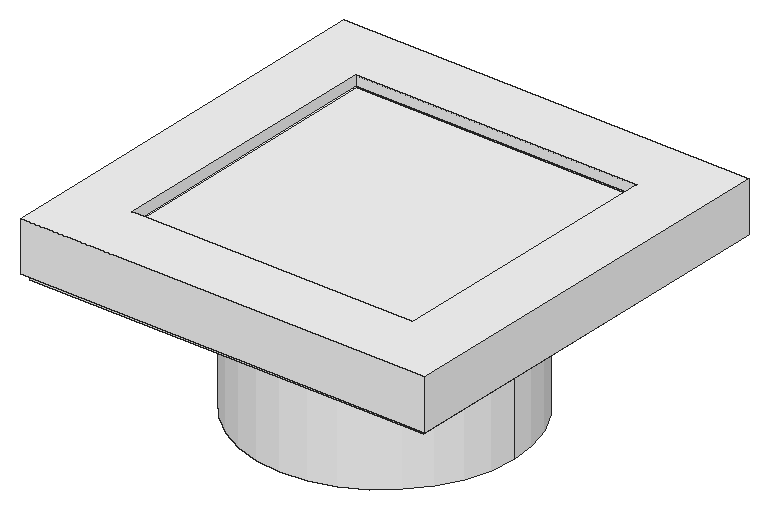
Revit family "Gira_291803", category Electrical Fixtures, host Face, Revit 2017
Family settings
  Host = Face
  Maintain Annotation Orientation = Yes
  Round Connector Dimension = Use Diameter
  Part Type = Normal
  Cut with Voids When Loaded = No
  Shared = No
  Room Calculation Point = No
Parameters (values of type "USV Notrufset System 55 Reinweiß")
  Zusammenstellung = "Basiselement"
  White [instance] = White
  URL = "http://katalog.gira.de/de_DE/datenblatt.html?artikelnr=291803"
  Region = "DE"
  Name = "USV Notrufset System 55 Reinweiß"
  Model = "Sys55_Komplettgerät_Schalten und Tasten"
  Manufacturer URL = "https://www.gira.de/"
  HeinzeBIM = "https://bimportal.heinze.de/bim/usv-notrufset-system-55-reinweiss/1c60dd16596e1c08c950d56eb1b089007df031dc"
  HAN = "291803"
  GTIN = "4010337011767"
  Default Elevation = 1219.2 mm
  Data sheet (1) = "https://katalog.gira.de/de_DE/download.html?artikelnr=291803"
  Category = "Systemgerät Klinikinstallation"
  Busfähig = "ohne"
  Available = "Yes"
  Ausführung = "Netzteil"
  Art der Spannungsversorgung = "extern"
Reference planes
  plane 1 "Center (Front/Back)": y = 0
  plane 2: z = 0
  plane 3 "Center (Left/Right)": x = 0
Forms (mm)
  Extrusion 1, solid, material "White" <- "White", detail levels medium
    sketch origin (0, 0, 0) x (1, 0, 0) y (0, 1, 0)
      loop
        line (-40.4, 40.4) -> (-40.4, -40.4) -> (40.4, -40.4) -> (40.4, 40.4) -> (-40.4, 40.4)
      loop
        line (-28, 28) -> (-28, -28) -> (28, -28) -> (28, 28) -> (-28, 28)
    from 0 to 10
  Extrusion 2, solid, material "White" <- "White", detail levels fine
    sketch origin (0, 0, 0) x (1, 0, 0) y (0, 1, 0)
      loop
        line (-40.4, 40.4) -> (-40.4, -40.4) -> (40.4, -40.4) -> (40.4, 40.4) -> (-40.4, 40.4)
      loop
        line (-28, 28) -> (-28, -28) -> (28, -28) -> (28, 28) -> (-28, 28)
    from 0 to 10
  Extrusion 3, void
    sketch origin (0, 0, 0) x (1, 0, 0) y (0, 1, 0)
      loop
        line (-38.4, 38.4) -> (-38.4, -38.4) -> (38.4, -38.4) -> (38.4, 38.4) -> (-38.4, 38.4)
    from 0 to 8
  Extrusion 4, solid, material "White" <- "White", detail levels medium+fine
    sketch origin (0, 0, 0) x (1, 0, 0) y (0, 1, 0)
      loop
        line (-39.4, 39.4) -> (-39.4, -39.4) -> (39.4, -39.4) -> (39.4, 39.4) -> (-39.4, 39.4)
    from 0 to -1
  Extrusion 5, solid, material "White" <- "White", detail levels medium+fine
    sketch origin (0, 0, 0) x (1, 0, 0) y (0, 1, 0)
      loop
        line (-35.5, 35.5) -> (-35.5, -35.5) -> (35.5, -35.5) -> (35.5, 35.5) -> (-35.5, 35.5)
    from -2 to -3
  Extrusion 6, solid, material "White" <- "White", detail levels medium+fine
    sketch origin (0, 0, 0) x (1, 0, 0) y (0, 1, 0)
      loop
        circle (0, 0) r 26
    from 0 to -27.5
  Extrusion 7, solid, material "White" <- "White", detail levels coarse
    sketch origin (0, 0, 0) x (1, 0, 0) y (0, 1, 0)
      loop
        line (-40.4, 40.4) -> (-40.4, -40.4) -> (40.4, -40.4) -> (40.4, 40.4) -> (-40.4, 40.4)
    from -27.5 to 10
Cuts and joins
  Extrusion 3 cuts Extrusion 2
Dimensions and locks
  aligned and locked: plane 2 to host face
  aligned and locked: level to host face
  aligned and locked: plane 3 "Center (Left/Right)" to nested 2
  aligned and locked: plane 1 "Center (Front/Back)" to nested 2
Nested families
  nested 1: "Sys55_Abdeckung_Schalten und Tasten_floor_base" at (0, 0, 0), type "Sys55_Abdeckung_Schalten und Tasten_floor_base"
  nested 2: "Schalter" at (0, 0, 0), type "Schalter"
Connectors
  electrical at (0, 0, -27.5)
    settings: on Extrusion 6, index 1, voltage 220 V, apparent load 0 VA, apparent load phase1 0 VA, apparent load phase2 0 VA, apparent load phase3 0 VA, power factor 1, load classification "Other", number of poles 1, system type 30, power factor state 1, is connector primary yes, connector utility no, sub classification motor no, connector description ""
Definition of nested family "Sys55_Abdeckung_Schalten und Tasten_floor_base"
  Parameters
    Default Elevation = 1219.2 mm
    White [instance] = none
  Reference planes
    plane 1 "Center (Front/Back)": y = 0
    plane 2: z = 0
    plane 3 "Center (Left/Right)": x = 0
  Forms (mm)
    Extrusion 1, solid
      sketch origin (0, 0, 0) x (1, 0, 0) y (0, 1, 0)
        loop
          line (-1219.2, 1219.2) -> (-1219.2, -1219.2) -> (1219.2, -1219.2) -> (1219.2, 1219.2) -> (-1219.2, 1219.2)
      from 0 to -304.8
    Extrusion 2, solid, material <- "White", detail levels fine
      sketch origin (0, 0, 0) x (1, 0, 0) y (0, 1, 0)
        loop
          line (-27.5, 27.5) -> (-27.5, -27.5) -> (27.5, -27.5) -> (27.5, 27.5) -> (-27.5, 27.5)
      from 0 to 8
    Extrusion 3, void
      sketch origin (0, 0, 0) x (1, 0, 0) y (0, 1, 0)
        loop
          line (26, 26) -> (-26, 26) -> (-26, -26) -> (26, -26) -> (26, 26)
      from 0 to 6
    Extrusion 4, solid, material <- "White", detail levels medium
      sketch origin (0, 0, 0) x (1, 0, 0) y (0, 1, 0)
        loop
          line (-27.5, 27.5) -> (-27.5, -27.5) -> (27.5, -27.5) -> (27.5, 27.5) -> (-27.5, 27.5)
      from 0 to 8
    Extrusion 5, solid, material <- "White", detail levels medium
      sketch origin (0, 0, 0) x (1, 0, 0) y (0, 1, 0)
        loop
          line (11, -17.5) -> (11, 17.5) -> (-11, 17.5) -> (-11, -17.5) -> (11, -17.5)
      from -6 to 6
    Extrusion 6, solid, material <- "White", detail levels fine
      sketch origin (0, 0, 0) x (1, 0, 0) y (0, 1, 0)
        loop
          line (11, 17.5) -> (-11, 17.5) -> (-11, 16.5) -> (11, 16.5) -> (11, 17.5)
        loop
          line (-11, -16.5) -> (-11, -17.5) -> (11, -17.5) -> (11, -16.5) -> (-11, -16.5)
      from -4 to 6
    Extrusion 7, solid, material <- "White", detail levels fine
      sketch origin (0, 0, 0) x (1, 0, 0) y (0, 1, 0)
        loop
          arc (5, 9.347) -> (0, 10.6) -> (-5, 9.347) r 10.6
          line (-5, 9.347) -> (-5, -9.347)
          arc (-5, -9.347) -> (0, -10.6) -> (5, -9.347) r 10.6
          line (5, -9.347) -> (5, 9.347)
      from -6 to 6
    Extrusion 8, solid, material <- "White", detail levels coarse
      sketch origin (0, 0, 0) x (1, 0, 0) y (0, 1, 0)
        loop
          line (-27.5, 27.5) -> (-27.5, -27.5) -> (27.5, -27.5) -> (27.5, 27.5) -> (-27.5, 27.5)
      from -6 to 8
  Cuts and joins
    Extrusion 3 cuts Extrusion 2
  Dimensions and locks
    aligned and locked: plane 2 to Extrusion 1
    aligned and locked: level to Extrusion 1
Definition of nested family "Schalter"
  Reference planes
    plane 1: y = 0
    plane 2: x = 0
  Lines and regions (mm)
    detail lines
      curve 1: circle (1.375, 2.778, 0) r 0.8 normal (0, 0, 1)
      curve 2: line (1.021, 2.061, 0) -> (0, 0, 0)
      curve 3: line (0, 0, 0) -> (-0.538, 0.266, 0)
  Dimensions and locks
    curve 2 to curve 2 = 2.3 mm
    curve 3 to curve 2 = 0.6 mm
    radius of curve 1 = 0.8 mm
